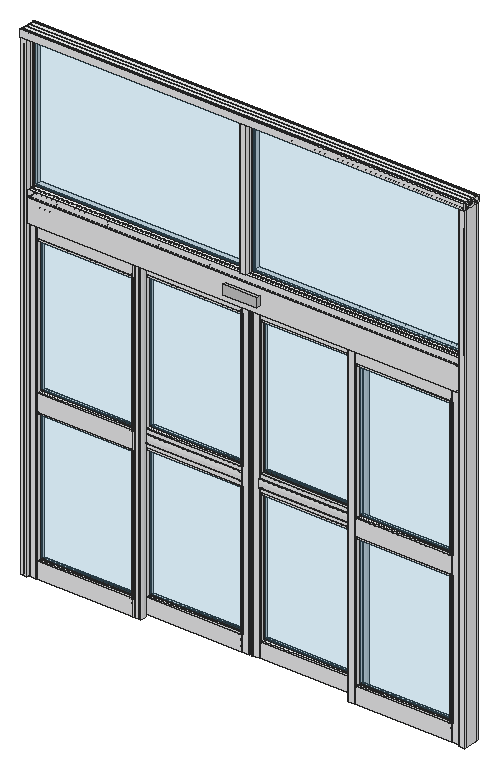
Revit family "2-5-16_Sliding-Door_TX9200SL_Bipart-Outside-Slide-w-Transom-O-SX-SX-O-w-Elec-Lock-Flush-Mnt-Exit-Panic-HW_Tormax", category Doors, host Wall, Revit 2026 (continued)
Definition of nested family "Door-Sliding-Tormax-Panel-Exit_Panic-SX"
  Automatic sketch dimensions
    Sweep 7 sketch curve to Sweep 7 sketch curve = 0' - 0.02199"  (x4)
    plane 1 "Center (Front/Back)" to Sweep 7 sketch curve = 0' - 0.09459"  (x2)
    Sweep 7 sketch curve to plane 1 "Center (Front/Back)" = 0' - 0.20955"
    Sweep 7 sketch curve to Sweep 7 sketch curve = 0' - 0.06113"
    plane 1 "Center (Front/Back)" to Sweep 7 sketch curve = 0' - 0.12483"
    Sweep 7 sketch curve to Sweep 7 sketch curve = 0' - 0.06234"
    Sweep 7 sketch curve to Sweep 7 sketch curve = 0' - 0.03026"
    Sweep 7 sketch curve to Sweep 7 sketch curve = 0' - 0.14248"
    Sweep 7 sketch curve to Sweep 7 sketch curve = 0' - 0.09251"
    Sweep 7 sketch curve to Sweep 7 sketch curve = 0' - 0.01301"
    Sweep 7 sketch curve to Sweep 7 sketch curve = 0' - 0.13361"
    Sweep 7 sketch curve to plane 1 "Center (Front/Back)" = 0' - 0.25955"  (x2)
    Sweep 7 sketch curve to Sweep 7 sketch curve = 0' - 0.14365"
    Sweep 7 sketch curve to Sweep 7 sketch curve = 0' - 0.19365"  (x3)
    Sweep 7 sketch curve to Sweep 7 sketch curve = 0' - 0.25378"  (x2)
    Sweep 7 sketch curve to Sweep 7 sketch curve = 0' - 0.4219"  (x2)
    Sweep 7 sketch curve to Sweep 7 sketch curve = 0' - 0.04971"  (x4)
    Sweep 7 sketch curve to Sweep 7 sketch curve = 0' - 0.08472"  (x5)
    Sweep 7 sketch curve to Sweep 7 sketch curve = 0' - 0.06945"  (x2)
    Sweep 7 sketch curve to Sweep 7 sketch curve = 0' - 0.05012"  (x4)
    Sweep 7 sketch curve to Sweep 7 sketch curve = 0' - 0.06958"  (x2)
    plane 1 "Center (Front/Back)" to Sweep 7 sketch curve = 0' - 0.13997"
    Sweep 7 sketch curve to Sweep 7 sketch curve = 0' - 0.04722"
    Sweep 7 sketch curve to Sweep 7 sketch curve = 0' - 0.02777"
    Sweep 7 sketch curve to Sweep 7 sketch curve = 0' - 0.04144"  (x2)
    Sweep 7 sketch curve to Sweep 7 sketch curve = 0' - 0.08847"
    Sweep 7 sketch curve to Sweep 7 sketch curve = 0' - 0.0904"  (x2)
    Sweep 7 sketch curve to Sweep 7 sketch curve = 0' - 0.04991"  (x2)
    Sweep 7 sketch curve to Sweep 7 sketch curve = 0' - 0.01286"  (x2)
    Sweep 7 sketch curve to Sweep 7 sketch curve = 0' - 0.06296"  (x2)
    Sweep 7 sketch curve to Sweep 7 sketch curve = 0' - 0.09922"  (x2)
    Sweep 7 sketch curve to Sweep 7 sketch curve = 0' - 0.08367"  (x2)
    Extrusion 8 sketch curve to plane 7 = 0' - 0"
    plane 6 to Extrusion 8 sketch curve = 0' - 0"
    plane 12 to Extrusion 8 sketch curve = 0' - 0.29207"
    plane 13 to Extrusion 8 sketch curve = 0' - 0.29207"
    plane 1 "Center (Front/Back)" to Sweep 9 sketch curve = 0' - 0.34217"
    Sweep 9 sketch curve to Sweep 9 sketch curve = 0' - 0.28232"
    Sweep 9 sketch curve to Sweep 9 sketch curve = 0' - 0.11923"
    plane 1 "Center (Front/Back)" to Sweep 9 sketch curve = 0' - 0.55479"
    Sweep 9 sketch curve to Sweep 9 sketch curve = 0' - 0 1/8"
    Sweep 9 sketch curve to Sweep 9 sketch curve = 0' - 0.00577"
    Sweep 9 sketch curve to Sweep 9 sketch curve = 0' - 0.25975"
    Sweep 9 sketch curve to Sweep 9 sketch curve = 0' - 0.09287"
    Sweep 9 sketch curve to Sweep 9 sketch curve = 0' - 0.04941"
    Sweep 9 sketch curve to Sweep 9 sketch curve = 0' - 0.22371"
    Sweep 9 sketch curve to plane 1 "Center (Front/Back)" = 0' - 0.1935"
    Sweep 9 sketch curve to Sweep 9 sketch curve = 0' - 0.075"
    Sweep 9 sketch curve to Sweep 9 sketch curve = 0' - 0.00006"
    plane 1 "Center (Front/Back)" to Sweep 9 sketch curve = 0' - 0.04652"  (x2)
    Sweep 9 sketch curve to Sweep 9 sketch curve = 0' - 0"  (x2)
    Sweep 9 sketch curve to Sweep 9 sketch curve = 0' - 0.065"
    Sweep 9 sketch curve to Sweep 9 sketch curve = 0' - 0.17797"
    Sweep 9 sketch curve to Sweep 9 sketch curve = 0' - 0.02777"
    Sweep 9 sketch curve to Sweep 9 sketch curve = 0' - 0.12"
    Sweep 9 sketch curve to Sweep 9 sketch curve = 0' - 0.60594"
    plane 1 "Center (Front/Back)" to Sweep 9 sketch curve = 0' - 0.14602"
    Sweep 9 sketch curve to Sweep 9 sketch curve = 0' - 0.22"
    Sweep 3 sketch curve to Sweep 3 sketch curve = 0' - 0"  (x9)
    plane 1 "Center (Front/Back)" to Sweep 3 sketch curve = 0' - 0"
    Sweep 3 sketch curve to Sweep 3 sketch curve = 0' - 0.09725"
    Sweep 3 sketch curve to Sweep 3 sketch curve = 0' - 0.09783"  (x2)
    Sweep 3 sketch curve to Sweep 3 sketch curve = 0' - 0.05875"
    Sweep 3 sketch curve to Sweep 3 sketch curve = 0' - 0 1/8"
    Sweep 3 sketch curve to profile plane = 0' - 0.33606"
    Sweep 3 sketch curve to Sweep 3 sketch curve = 0' - 0.05805"
    Sweep 3 sketch curve to profile plane = 0' - 0.25342"
    Sweep 3 sketch curve to Sweep 3 sketch curve = 0' - 0.00312"
    Sweep 3 sketch curve to Sweep 3 sketch curve = 0' - 0.07719"  (x2)
    Sweep 3 sketch curve to Sweep 3 sketch curve = 0' - 0.06839"
    Sweep 3 sketch curve to Sweep 3 sketch curve = 0' - 0.01995"  (x2)
    Sweep 3 sketch curve to Sweep 3 sketch curve = 0' - 0.03503"  (x2)
    Sweep 3 sketch curve to Sweep 3 sketch curve = 0' - 0.05764"  (x2)
    Sweep 3 sketch curve to Sweep 3 sketch curve = 0' - 0.05533"
    Sweep 3 sketch curve to Sweep 3 sketch curve = 0' - 0.07528"  (x2)
    Sweep 3 sketch curve to Sweep 3 sketch curve = 0' - 0.07175"  (x2)
    Sweep 3 sketch curve to profile plane = 0' - 0.05562"  (x2)
    Sweep 3 sketch curve to plane 1 "Center (Front/Back)" = 0' - 0.18239"
    Sweep 3 sketch curve to Sweep 3 sketch curve = 0' - 0.19693"  (x2)
    Sweep 3 sketch curve to Sweep 3 sketch curve = 0' - 0.07617"  (x2)
    Sweep 3 sketch curve to Sweep 3 sketch curve = 0' - 0.01817"  (x2)
    Sweep 3 sketch curve to Sweep 3 sketch curve = 0' - 0.01512"
    Sweep 3 sketch curve to Sweep 3 sketch curve = 0' - 0.05648"
    Sweep 3 sketch curve to Sweep 3 sketch curve = 0' - 0.02003"  (x2)
    plane 1 "Center (Front/Back)" to Sweep 3 sketch curve = 0' - 0.18239"
    Sweep 3 sketch curve to Sweep 3 sketch curve = 0' - 0.05615"
    Sweep 3 sketch curve to Sweep 3 sketch curve = 0' - 0.07564"
    Sweep 3 sketch curve to Sweep 3 sketch curve = 0' - 0.14517"
    Sweep 3 sketch curve to Sweep 3 sketch curve = 0' - 0.05815"
    Sweep 3 sketch curve to Sweep 3 sketch curve = 0' - 0.10029"
    Sweep 3 sketch curve to profile plane = 0' - 0.10913"
    Sweep 3 sketch curve to profile plane = 0' - 0.10975"
    Sweep 3 sketch curve to Sweep 3 sketch curve = 0' - 0.07408"
    Sweep 1 sketch curve to Sweep 1 sketch curve = 0' - 0"  (x4)
    plane 1 "Center (Front/Back)" to Sweep 1 sketch curve = 0' - 0"
    Sweep 1 sketch curve to plane 1 "Center (Front/Back)" = 0' - 0.77559"
    Sweep 1 sketch curve to Sweep 1 sketch curve = 0' - 0.11639"  (x2)
    Sweep 1 sketch curve to Sweep 1 sketch curve = 0' - 0.03961"
    Sweep 1 sketch curve to Sweep 1 sketch curve = 0' - 0 1/8"
    profile plane to Sweep 1 sketch curve = 0' - 0 1/4"
    profile plane to Sweep 1 sketch curve = 0' - 0.22824"
    profile plane to Sweep 1 sketch curve = 0' - 0.14081"
    Sweep 1 sketch curve to Sweep 1 sketch curve = 0' - 0.11893"  (x2)
    Sweep 1 sketch curve to Sweep 1 sketch curve = 0' - 0.01059"
    Sweep 1 sketch curve to Sweep 1 sketch curve = 0' - 0.0672"  (x2)
    Sweep 1 sketch curve to Sweep 1 sketch curve = 0' - 0.20161"
    Sweep 1 sketch curve to Sweep 1 sketch curve = 0' - 0.05661"
    Sweep 1 sketch curve to Sweep 1 sketch curve = 0' - 0.02176"
    plane 1 "Center (Front/Back)" to Sweep 1 sketch curve = 0' - 0.18701"
    curve 1 to plane 9 = 0' - 0"
    plane 1 "Center (Front/Back)" to Sweep 2 sketch curve = 0' - 0.8749"
    Sweep 2 sketch curve to profile plane = 0' - 4 5/16"
    Sweep 2 sketch curve to plane 1 "Center (Front/Back)" = 0' - 0.70921"
    Sweep 2 sketch curve to Sweep 2 sketch curve = 0' - 0"  (x3)
    Sweep 2 sketch curve to Sweep 2 sketch curve = 0' - 0.10643"  (x4)
    plane 1 "Center (Front/Back)" to Sweep 2 sketch curve = 0' - 0.77066"
    Sweep 2 sketch curve to Sweep 2 sketch curve = 0' - 0.04797"  (x2)
    Sweep 2 sketch curve to Sweep 2 sketch curve = 0' - 0.12615"  (x2)
    Sweep 2 sketch curve to Sweep 2 sketch curve = 0' - 0.24666"  (x2)
    Sweep 2 sketch curve to Sweep 2 sketch curve = 0' - 0.45154"  (x2)
    Sweep 2 sketch curve to Sweep 2 sketch curve = 0' - 0.25159"  (x2)
    Sweep 2 sketch curve to Sweep 2 sketch curve = 0' - 0.13262"  (x2)
    Sweep 2 sketch curve to Sweep 2 sketch curve = 0' - 0.25063"  (x3)
    Sweep 2 sketch curve to Sweep 2 sketch curve = 0' - 0.44876"  (x2)
    Sweep 2 sketch curve to Sweep 2 sketch curve = 0' - 0 1/8"  (x3)
    Sweep 2 sketch curve to Sweep 2 sketch curve = 0' - 0.37452"
    Sweep 2 sketch curve to Sweep 2 sketch curve = 0' - 0.46746"
    Sweep 2 sketch curve to Sweep 2 sketch curve = 0' - 0.12888"
    Sweep 2 sketch curve to plane 1 "Center (Front/Back)" = 0' - 0 109/256"
    Sweep 2 sketch curve to Sweep 2 sketch curve = 0' - 0.28811"
    Sweep 2 sketch curve to Sweep 2 sketch curve = 0' - 0.03645"
    Sweep 2 sketch curve to Sweep 2 sketch curve = 0' - 0.4315"
    Sweep 2 sketch curve to Sweep 2 sketch curve = 0' - 0.18962"
    Sweep 2 sketch curve to Sweep 2 sketch curve = 0' - 0.12563"
    Sweep 2 sketch curve to Sweep 2 sketch curve = 0' - 0.11387"
    Sweep 2 sketch curve to profile plane = 0' - 0 5/16"
    Sweep 2 sketch curve to Sweep 2 sketch curve = 0' - 0.198"
    Sweep 2 sketch curve to Sweep 2 sketch curve = 0' - 0.1095"  (x2)
    plane 1 "Center (Front/Back)" to Sweep 2 sketch curve = 0' - 0.77099"
    Sweep 2 sketch curve to Sweep 2 sketch curve = 0' - 0.0465"  (x3)
    Sweep 2 sketch curve to Sweep 2 sketch curve = 0' - 0.10034"  (x2)
    Sweep 2 sketch curve to plane 1 "Center (Front/Back)" = 0' - 0.27511"
    Sweep 2 sketch curve to Sweep 2 sketch curve = 0' - 0.64383"
    Sweep 2 sketch curve to Sweep 2 sketch curve = 0' - 0.1"  (x8)
    Sweep 2 sketch curve to Sweep 2 sketch curve = 0' - 0.37023"
    Sweep 2 sketch curve to plane 1 "Center (Front/Back)" = 0' - 0.17511"
    Sweep 2 sketch curve to Sweep 2 sketch curve = 0' - 1.37039"
    Sweep 2 sketch curve to Sweep 2 sketch curve = 0' - 1.00016"
    Sweep 2 sketch curve to Sweep 2 sketch curve = 0' - 0.25634"
    Sweep 2 sketch curve to plane 1 "Center (Front/Back)" = 0' - 0.77066"
    Sweep 2 sketch curve to Sweep 2 sketch curve = 0' - 0.25057"  (x2)
    Sweep 2 sketch curve to Sweep 2 sketch curve = 0' - 0.44958"  (x2)
    Sweep 2 sketch curve to Sweep 2 sketch curve = 0' - 0.21366"
    Sweep 2 sketch curve to Sweep 2 sketch curve = 0' - 0.24964"
    Sweep 2 sketch curve to Sweep 2 sketch curve = 0' - 0.04531"
    plane 1 "Center (Front/Back)" to Sweep 2 sketch curve = 0' - 0.77147"
    Sweep 2 sketch curve to Sweep 2 sketch curve = 0' - 0.04603"
    plane 1 "Center (Front/Back)" to Sweep 2 sketch curve = 0' - 0.70798"
    Sweep 2 sketch curve to Sweep 2 sketch curve = 0' - 0.10997"
    Sweep 2 sketch curve to Sweep 2 sketch curve = 0' - 0.11069"
    Sweep 2 sketch curve to plane 1 "Center (Front/Back)" = 0' - 0.77099"  (x2)
    Sweep 2 sketch curve to plane 1 "Center (Front/Back)" = 0' - 0.77147"
    Sweep 2 sketch curve to Sweep 2 sketch curve = 0' - 0.00362"  (x2)
    Sweep 2 sketch curve to Sweep 2 sketch curve = 0' - 0.00039"
    Sweep 2 sketch curve to Sweep 2 sketch curve = 0' - 0.16569"
    Sweep 2 sketch curve to Sweep 2 sketch curve = 0' - 0.10425"
    Sweep 2 sketch curve to Sweep 2 sketch curve = 0' - 0.10401"  (x2)
    Sweep 2 sketch curve to Sweep 2 sketch curve = 0' - 0.06145"  (x4)
    Sweep 2 sketch curve to Sweep 2 sketch curve = 0' - 0.1101"
    Sweep 2 sketch curve to Sweep 2 sketch curve = 0' - 0.01168"
    Sweep 2 sketch curve to plane 1 "Center (Front/Back)" = 0' - 0.75305"
    Sweep 2 sketch curve to plane 1 "Center (Front/Back)" = 0' - 0 3/4"
    Sweep 2 sketch curve to Sweep 2 sketch curve = 0' - 0.015"
    Sweep 2 sketch curve to Sweep 2 sketch curve = 0' - 0.031"  (x3)
    Sweep 2 sketch curve to Sweep 2 sketch curve = 0' - 0.05146"  (x2)
    Sweep 2 sketch curve to Sweep 2 sketch curve = 0' - 0.03386"  (x2)
    Sweep 2 sketch curve to Sweep 2 sketch curve = 0' - 0.03119"  (x3)
    Sweep 2 sketch curve to Sweep 2 sketch curve = 0' - 0.06322"  (x4)
    Sweep 2 sketch curve to Sweep 2 sketch curve = 0' - 0.06391"
    Sweep 2 sketch curve to Sweep 2 sketch curve = 0' - 0.25268"  (x2)
    Sweep 2 sketch curve to plane 1 "Center (Front/Back)" = 0' - 0.23479"
    plane 1 "Center (Front/Back)" to Sweep 2 sketch curve = 0' - 0.32559"
    plane 1 "Center (Front/Back)" to Sweep 2 sketch curve = 0' - 0.5938"
    plane 1 "Center (Front/Back)" to Sweep 2 sketch curve = 0' - 0.70777"
    plane 1 "Center (Front/Back)" to Sweep 2 sketch curve = 0' - 0.70921"
    Sweep 2 sketch curve to Sweep 2 sketch curve = 0' - 0.07472"
    Sweep 2 sketch curve to Sweep 2 sketch curve = 0' - 0.12539"
    Sweep 2 sketch curve to Sweep 2 sketch curve = 0' - 0.01959"
    Sweep 2 sketch curve to Sweep 2 sketch curve = 0' - 0.21"
    Sweep 2 sketch curve to Sweep 2 sketch curve = 0' - 0.03141"
    Sweep 2 sketch curve to Sweep 2 sketch curve = 0' - 0.00401"  (x2)
    Sweep 2 sketch curve to Sweep 2 sketch curve = 0' - 0.10343"
    plane 1 "Center (Front/Back)" to Sweep 2 sketch curve = 0' - 0.16219"
    Sweep 2 sketch curve to Sweep 2 sketch curve = 0' - 0.03484"  (x2)
    Sweep 2 sketch curve to Sweep 2 sketch curve = 0' - 0.07413"  (x2)
    Sweep 2 sketch curve to Sweep 2 sketch curve = 0' - 0.2"
    Sweep 2 sketch curve to Sweep 2 sketch curve = 0' - 0.02603"  (x2)
    Sweep 2 sketch curve to Sweep 2 sketch curve = 0' - 0.87961"
    Sweep 2 sketch curve to Sweep 2 sketch curve = 0' - 0.20881"
Types (3): name | Width | Rough Width | Door Width | Description
  10'-0" Package Width | 10' - 0" | 10' - 0 1/2" | 2' - 6 7/16" | "Bipart Outside Slide Application w/ Transom (O-SX-SX-O) w/ Electric Lock & Flush Mount Exit Panic HDW, 10'-0\" Package Width"
  12'-0" Package Width | 12' - 0" | 12' - 0 1/2" | 3' - 0 7/16" | "Bipart Outside Slide Application w/ Transom (O-SX-SX-O) w/ Electric Lock & Flush Mount Exit Panic HDW, 12'-0\" Package Width"
  14'-0" Package Width | 14' - 0" | 14' - 0 1/2" | 3' - 6 7/16" | "Bipart Outside Slide Application w/ Transom (O-SX-SX-O) w/ Electric Lock & Flush Mount Exit Panic HDW, 14'-0\" Package Width"
